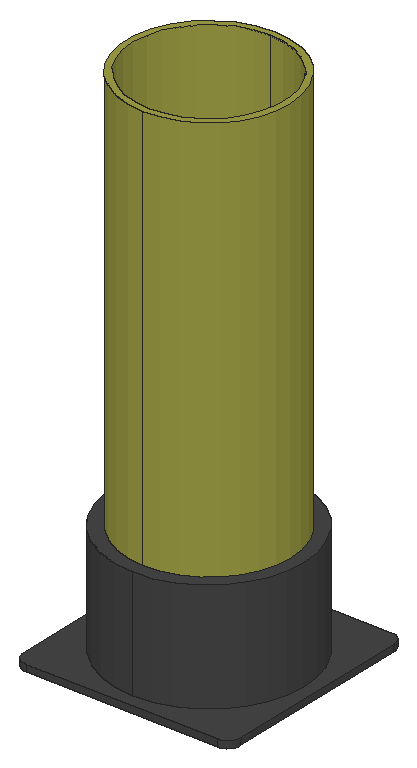
Revit family "Firestop-cast_in_place-STI-Plastic_Pipes_new", category Specialty Equipment, host Floor, Revit 2026
Family settings
  Host = Floor
  Round Connector Dimension = Use Diameter
  Part Type = Normal
  Classification Number = 23.20.50.14.11
  Enable Cutting in Views = No
  Always vertical = Yes
  Cut with Voids When Loaded = No
  Maintain Annotation Orientation = No
  Shared = No
  Room Calculation Point = No
Parameters (values of type "pipe 2")
  base hight = 0' - 2 61/256"
  base OD = 0' - 3 83/128"
  Upper OD = 0' - 3 33/256"
  URL = "http://www.stifirestop.com/"
  Tested Systems = "http://sti.fmpdata.net/system_search.html"
  Systems  (See "Tested Systems" for addtional) = ""
  Product Page URL = "http://www.stifirestop.com/cast-in/"
  Product Documentation Link = "http://files.systems.stifirestop.com/4.%20Product%20Data%20Sheets/1.%20English/PDS_Cast-in%20Firestop%20Device.pdf"
  Plastici-STI-Plastici-top cast-in = Cast-In Plastic Pipe top
  Model Part [instance] = if(and(Floor thk < 0' 10", Inside ID = 0' 2 57/64"), "CD201", if(and(Floor thk < 1' 8", Inside ID = 0' 2 57/64"), "CD202", if(and(Floor thk < 0' 10", Inside ID = 0' 3 57/64"), "CD301", if(and(Floor thk < 1' 8", Inside ID = 0' 3 57/64"), "CD302", if(and(Floor thk < 0' 10", Inside ID = 0' 4 241/256"), "CD401", if(and(Floor thk < 1' 8", Inside ID = 0' 4 241/256"), "CD402", "-"))))))  # "CD201"
  Model = "Cast in place"
  Plastici-STI-Plastici-Pipe-Cast-in = Cast-In Plastic Pipe bottom
  Material = "Polypropylene"
  Manufacturer Phone No. = "800.992.1180"
  Manufacturer Fax No. = "908.526.9623"
  Manufacturer = "Specified Technologies Inc."
  Manufacture Address = "210 Evans Way, Somerville, NJ 08876"
  MSDS = "http://files.systems.stifirestop.com/5.%20Safety%20Data%20Sheet/1.%20English/SDS_Cast-in%20Firestop%20Device.pdf"
  Locate Distributor = "http://www.stifirestop.com/"
  Inside ID = 0' - 2 57/64"
  cast in place Height [instance] = if(Floor thk < 0' 10", 0' 10", if(Floor thk > 0' 10", 1' 8", 0' 0"))  # 0' - 10"
  Guide Specification = "http://www.stifirestop.com/technical-library/sti-guide-specs/"
  Green Building/LEED® Information = "http://files.systems.stifirestop.com/7.%20Additional%20Docs%2FLEED%2FGeneral%20LEED%20Letter.pdf"
  Floor thk [instance] = 0' - 8"
  Flange Sq = 0' - 4 19/128"
  Fire Rating = "Up to 3 Hr"
  Dimensions (Overall, devices) = "5-1/8\" x 5-1/8\" x 8\""
  Description = "One 2\" Trade Size Cast-in Firestop Device for Combustible & Noncombustible Penetrants"
  Default Elevation = 0' - 0"
  Contact Technical Service = "http://www.stifirestop.com/contact/"
  Contact Sales = "http://www.stifirestop.com/contact/"
  Color = "Red"
  Assembly Code = "D4030900"
Types (4): name | base hight | base OD | Upper OD | Product Page URL | Model Part | Inside ID | Flange Sq | Description
  (no name) | 0' - 2 61/256" | 0' - 3 83/128" | 0' - 3 33/256" | "http://www.stifirestop.com/cast-in/" | "CD201" | 0' - 2 57/64" | 0' - 4 19/128" | "One 2\" Trade Size Cast-in Firestop Device for Combustible & Noncombustible Penetrants"
  pipe 2 | 0' - 2 61/256" | 0' - 3 83/128" | 0' - 3 33/256" | "http://www.stifirestop.com/cast-in/" | "CD201" | 0' - 2 57/64" | 0' - 4 19/128" | "One 2\" Trade Size Cast-in Firestop Device for Combustible & Noncombustible Penetrants"
  pipe 3 | 0' - 2 23/256" | 0' - 5 87/256" | 0' - 4 15/256" | "http://www.stifirestop.com/products/product-selector/cast-in/" | "CD301" | 0' - 3 57/64" | 0' - 5 3/4" | "One 3\" Trade Size Cast-in Firestop Device for Combustible & Noncombustible Penetrants"
  pipe 4 | 0' - 2 69/256" | 0' - 6 95/256" | 0' - 5 31/256" | "http://www.stifirestop.com/products/product-selector/cast-in/" | "CD401" | 0' - 4 241/256" | 0' - 6 3/4" | "One 4\" Trade Size Cast-in Firestop Device for Combustible & Noncombustible Penetrants"
Reference planes (in)
  plane 1 "Center (Front/Back)": y = 0
  plane 2: z = 0
  plane 3 "Center (Left/Right)": x = 0
  plane 4: x = -2.07422
  plane 5: y = 2.07422
  plane 6: y = -2.07422
  plane 7: x = -1.82422
  plane 8: y = 1.82422
  plane 9: x = 1.82422
  plane 10: y = 1.44531
  plane 11: y = -1.44531
  plane 12: x = -1.94922
  plane 13: x = 2.07422
  plane 14: z = -7.875
  plane 15: y = -1.82422
  plane 16: y = 1.82422
  plane 17: z = -5.76172
  plane 18: y = -1.56445
  plane 19: y = 1.56445
  plane 20: z = 2
Forms (in)
  Extrusion 1, solid, material "Cast-In Plastic Pipe bottom" <- "Plastici-STI-Plastici-Pipe-Cast-in"
    sketch origin (0, 0, 0) x (1, 0, 0) y (0, 1, 0)
      loop
        arc (-1.82422, 2.07422) -> (-2.001, 2.001) -> (-2.07422, 1.82422) r 0.25
        line (-2.07422, 1.82422) -> (-2.07422, -1.82422)
        arc (-2.07422, -1.82422) -> (-2.001, -2.001) -> (-1.82422, -2.07422) r 0.25
        line (-1.82422, -2.07422) -> (1.82422, -2.07422)
        arc (1.82422, -2.07422) -> (2.001, -2.001) -> (2.07422, -1.82422) r 0.25
        line (2.07422, -1.82422) -> (2.07422, 1.82422)
        arc (2.07422, 1.82422) -> (2.001, 2.001) -> (1.82422, 2.07422) r 0.25
        line (1.82422, 2.07422) -> (-1.82422, 2.07422)
      loop
        circle (0, 0) r 1.44531
    from -8 to -7.875
  Extrusion 2, solid, material "Cast-In Plastic Pipe bottom" <- "Plastici-STI-Plastici-Pipe-Cast-in"
    sketch origin (0, 0, 0) x (1, 0, 0) y (0, 1, 0)
      loop
        circle (0, 0) r 1.82422
      loop
        circle (0, 0) r 1.44531
    from -8 to -5.76172
  Extrusion 3, solid, material "Cast-In Plastic Pipe top" <- "Plastici-STI-Plastici-top cast-in"
    sketch origin (0, 0, 0) x (1, 0, 0) y (0, 1, 0)
      loop
        circle (0, 0) r 1.56445
      loop
        circle (0, 0) r 1.44531
    from -8 to 2
  Extrusion 4, void
    sketch origin (0, 0, 0) x (1, 0, 0) y (0, 1, 0)
      loop
        circle (0, 0) r 1.82422
    from -8 to -7.875
Cuts and joins
  Extrusion 4 cuts Extrusion 3
Lines and regions (in)
  Opening 1
    outline origin (60, 60, 0) x (0, 1, 0) y (-1, 0, 0)
      loop
        circle (-60, 60) r 1.56445
Dimensions and locks (in)
  equal spacing: host sketch curve, plane 1 "Center (Front/Back)", host sketch curve
  equal spacing: host sketch curve, plane 3 "Center (Left/Right)", host sketch curve
  host sketch curve to host sketch curve = 10' - 0"  (x2)
  locked: plane 4 to plane 7 at 0.25
  "Flange Sq": plane 6 to plane 5
  equal spacing: plane 6, plane 1 "Center (Front/Back)", plane 5
  locked: plane 5 to plane 8 at 0.25
  locked: plane 9 to plane 13 at 0.25
  equal spacing: plane 4, plane 3 "Center (Left/Right)", plane 13
  "Flange Sq": plane 4 to plane 13
  equal spacing: plane 10, plane 1 "Center (Front/Back)", plane 11
  "Inside ID": plane 10 to plane 11
  locked: plane 4 to plane 12 at 0.125
  equal spacing: plane 16, plane 1 "Center (Front/Back)", plane 15
  "base OD": plane 15 to plane 16
  equal spacing: plane 19, plane 1 "Center (Front/Back)", plane 18
  "Upper OD": plane 19 to plane 18
  "cast in place Height": plane 20 to host floor
  "Floor thk": host floor to host floor
  locked: plane 14 to host floor at 0.125
  "base hight": plane 17 to host floor
  aligned and locked: level to plane 2
  aligned and locked: Extrusion 1 sketch curve to plane 5
  aligned and locked: Extrusion 1 sketch curve to plane 13
  aligned and locked: plane 9 to Extrusion 1 sketch curve
  aligned and locked: Extrusion 1 sketch curve to plane 6
  aligned and locked: Extrusion 1 sketch curve to plane 4
  aligned and locked: host floor to Extrusion 1
  aligned and locked: plane 14 to Extrusion 1
  aligned and locked: plane 3 "Center (Left/Right)" to Extrusion 2 sketch curve
  aligned and locked: plane 16 to Extrusion 2 sketch curve
  aligned: Extrusion 2 to Extrusion 1
  aligned and locked: plane 17 to Extrusion 2
  aligned and locked: plane 19 to Extrusion 3 sketch curve
  aligned and locked: plane 18 to Extrusion 3 sketch curve
  aligned: Extrusion 3 to Extrusion 2
  aligned and locked: plane 20 to Extrusion 3
  aligned and locked: host floor to Extrusion 4
  aligned and locked: Extrusion 1 to Extrusion 4
  aligned and locked: host floor to Extrusion 3
  aligned and locked: host floor to Extrusion 2
Automatic sketch dimensions
  Extrusion 2 sketch curve to Extrusion 2 sketch curve = 0' - 0"  (x7)
  Extrusion 2 sketch curve to plane 15 = 0' - 0"
  plane 11 to Extrusion 2 sketch curve = 0' - 0"
  Extrusion 3 sketch curve to Extrusion 3 sketch curve = 0' - 0"  (x7)
  Extrusion 3 sketch curve to plane 3 "Center (Left/Right)" = 0' - 0"
  plane 11 to Extrusion 3 sketch curve = 0' - 0"
  Opening 1 sketch curve to Opening 1 sketch curve = 0' - 0"  (x2)
  Opening 1 sketch curve to plane 3 "Center (Left/Right)" = 0' - 0"
  Opening 1 sketch curve to plane 18 = 0' - 0"
  plane 1 "Center (Front/Back)" to Opening 1 sketch curve = 0' - 0"
  Extrusion 4 sketch curve to plane 3 "Center (Left/Right)" = 0' - 0"
  Extrusion 4 sketch curve to plane 15 = 0' - 0"
  plane 1 "Center (Front/Back)" to Extrusion 4 sketch curve = 0' - 0"
  Extrusion 1 sketch curve to plane 7 = 0' - 0"  (x2)
  Extrusion 1 sketch curve to plane 3 "Center (Left/Right)" = 0' - 0"
  Extrusion 1 sketch curve to plane 8 = 0' - 0"
  plane 11 to Extrusion 1 sketch curve = 0' - 0"
  plane 1 "Center (Front/Back)" to Extrusion 1 sketch curve = 0' - 0"
